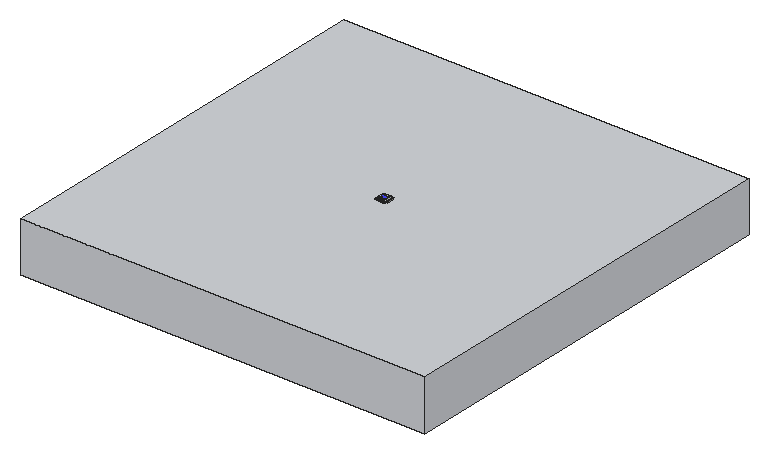
Revit family "2CKA001032A0508", category Elektroinstallationen, Revit 2017
Family settings
  Basisbauteil = Fläche
  Beschriftungsausrichtung beibehalten = Nein
  Bemaßung runder Anschluss = Durchmesser verwenden
  Teiletyp = Normal
  Beim Laden mit Abzugskörper schneiden = Nein
  Gemeinsam genutzt = Nein
  Raumberechnungspunkt = Nein
Parameters
  White = White
  Typname = "El. Raumtemperaturregler UP, UP-Montagedosen und -Einsätze, Einsätze für Raumtemperaturregler"
  TYPE = "1098 U-101"
  Produktseite = "https://media.live.bim.site/t/eyJhbGciOiJIUzI1NiIsInR5cCI6IkpXVCJ9.eyJjdCI6MiwidHUiOiJodHRwOi8vYnVzY2gtamFlZ2VyLWthdGFsb2cuZGUvMTAzMi0wLTA1MDgsYXJ0aWtlbC5odG1sIiwiY2lkIjoiZmVkOThlOWEtMWJkOC00YzY4LWE3M2ItNzRhOTRlMzE1ODIzIiwicmlkIjoiMjc2NjRlYjNmMjk0ZTNlYjBkOTJhZTRhMWM2YzI0NjAiLCJwaWQiOiJkNGQ0ODY3ZDg4MjY4Nzg2NWM1ZDNkODJhMzJjMDMyMDI1N2E3YzFhIiwic2lkIjoiNjM3MzIiLCJ1dCI6MSwibGMiOiJkZSIsImlhdCI6MTU3MjkyOTI2NCwiaXNzIjoiaHR0cHM6Ly9hcGkubGl2ZS5iaW0uc2l0ZSIsInN1YiI6ImY1ODZjNGI2LWE1MDgtNDI3YS05ODE4LTEzMTc5NjY1NzZiYyJ9.PqwKCrkbQN_OCCwh4QV-8Wb2Gp9MeNHAR7IQho9d7GU"
  Montageart = "unter Putz"
  Ist Zubehör = no
  Ist System = no
  Hersteller = "Busch-Jaeger Elektro GmbH"
  HeinzeBIM = "https://www.heinze.de/bim/el-raumtemperaturregler-up-up-montagedosen-und-einsaetze-einsaetze-fuer-raumtemperaturregler/d4d4867d882687865c5d3d82a32c0320257a7c1a"
  Halogenfrei = yes
  HAN = "2CKA001032A0508"
  Glass = Glass
  Default Elevation = 1219.2 mm
  GTIN = "4011395146644"
  Datenblatt 5 = "https://media.live.bim.site/t/eyJhbGciOiJIUzI1NiIsInR5cCI6IkpXVCJ9.eyJjdCI6MSwidGYiOiJwdWJsaWMvYnVzY2gtamFlZ2VyLWVsZWt0cm8tZ21iaC81YWUxZmQ1LzJDS0EwMDEwMzJBMDUwOF9ST0hTXzIwMTlfMTBfMDcucGRmIiwiY2lkIjoiZmVkOThlOWEtMWJkOC00YzY4LWE3M2ItNzRhOTRlMzE1ODIzIiwicmlkIjoiMjc2NjRlYjNmMjk0ZTNlYjBkOTJhZTRhMWM2YzI0NjAiLCJwaWQiOiJkNGQ0ODY3ZDg4MjY4Nzg2NWM1ZDNkODJhMzJjMDMyMDI1N2E3YzFhIiwic2lkIjoiNjM3MzIiLCJ1dCI6MSwibGMiOiJkZSIsImlhdCI6MTU3MjkyOTI2NCwiaXNzIjoiaHR0cHM6Ly9hcGkubGl2ZS5iaW0uc2l0ZSIsInN1YiI6ImY1ODZjNGI2LWE1MDgtNDI3YS05ODE4LTEzMTc5NjY1NzZiYyJ9.tHn2Mz55pGdhMaV_gfVFlSIgNqvi-diAWZtfFKjLhuM/2CKA001032A0508_ROHS_2019_10_07.pdf"
  Datenblatt 4 = "https://media.live.bim.site/t/eyJhbGciOiJIUzI1NiIsInR5cCI6IkpXVCJ9.eyJjdCI6MSwidGYiOiJwdWJsaWMvYnVzY2gtamFlZ2VyLWVsZWt0cm8tZ21iaC81YWUxZmQ1LzEwOTggVS0xMDFfQ0VfWFhfVjAxXzJDS0ExMDAwMDBFMDEzNC5wZGYiLCJjaWQiOiJmZWQ5OGU5YS0xYmQ4LTRjNjgtYTczYi03NGE5NGUzMTU4MjMiLCJyaWQiOiIyNzY2NGViM2YyOTRlM2ViMGQ5MmFlNGExYzZjMjQ2MCIsInBpZCI6ImQ0ZDQ4NjdkODgyNjg3ODY1YzVkM2Q4MmEzMmMwMzIwMjU3YTdjMWEiLCJzaWQiOiI2MzczMiIsInV0IjoxLCJsYyI6ImRlIiwiaWF0IjoxNTcyOTI5MjY0LCJpc3MiOiJodHRwczovL2FwaS5saXZlLmJpbS5zaXRlIiwic3ViIjoiZjU4NmM0YjYtYTUwOC00MjdhLTk4MTgtMTMxNzk2NjU3NmJjIn0.Sjmrf_nJ-sna9Hi1coDaJ4SmVVppoUtoMI-KCZu-l90/1098 U-101_CE_XX_V01_2CKA100000E0134.pdf"
  Datenblatt 3 = "https://media.live.bim.site/t/eyJhbGciOiJIUzI1NiIsInR5cCI6IkpXVCJ9.eyJjdCI6MSwidGYiOiJwdWJsaWMvYnVzY2gtamFlZ2VyLWVsZWt0cm8tZ21iaC81YWUxZmQ1LzEwOThfQkpFX09BXzIwMTQtMDMtMTFfTkwucGRmIiwiY2lkIjoiZmVkOThlOWEtMWJkOC00YzY4LWE3M2ItNzRhOTRlMzE1ODIzIiwicmlkIjoiMjc2NjRlYjNmMjk0ZTNlYjBkOTJhZTRhMWM2YzI0NjAiLCJwaWQiOiJkNGQ0ODY3ZDg4MjY4Nzg2NWM1ZDNkODJhMzJjMDMyMDI1N2E3YzFhIiwic2lkIjoiNjM3MzIiLCJ1dCI6MSwibGMiOiJkZSIsImlhdCI6MTU3MjkyOTI2NCwiaXNzIjoiaHR0cHM6Ly9hcGkubGl2ZS5iaW0uc2l0ZSIsInN1YiI6ImY1ODZjNGI2LWE1MDgtNDI3YS05ODE4LTEzMTc5NjY1NzZiYyJ9.x7i6Q0ge4_r9PKFqc0_PVNqlc6r4k_dWTULovlCYviQ/1098_BJE_OA_2014-03-11_NL.pdf"
  Datenblatt 2 = "https://media.live.bim.site/t/eyJhbGciOiJIUzI1NiIsInR5cCI6IkpXVCJ9.eyJjdCI6MSwidGYiOiJwdWJsaWMvYnVzY2gtamFlZ2VyLWVsZWt0cm8tZ21iaC81YWUxZmQ1LzEwOThfQkpFX09BXzIwMTQtMDMtMTFfRU4ucGRmIiwiY2lkIjoiZmVkOThlOWEtMWJkOC00YzY4LWE3M2ItNzRhOTRlMzE1ODIzIiwicmlkIjoiMjc2NjRlYjNmMjk0ZTNlYjBkOTJhZTRhMWM2YzI0NjAiLCJwaWQiOiJkNGQ0ODY3ZDg4MjY4Nzg2NWM1ZDNkODJhMzJjMDMyMDI1N2E3YzFhIiwic2lkIjoiNjM3MzIiLCJ1dCI6MSwibGMiOiJkZSIsImlhdCI6MTU3MjkyOTI2NCwiaXNzIjoiaHR0cHM6Ly9hcGkubGl2ZS5iaW0uc2l0ZSIsInN1YiI6ImY1ODZjNGI2LWE1MDgtNDI3YS05ODE4LTEzMTc5NjY1NzZiYyJ9.zCcc_3iazk-3F0ENew_z4UI_TWuq5vXiCce3m6RF064/1098_BJE_OA_2014-03-11_EN.pdf"
  Datenblatt 1 = "https://media.live.bim.site/t/eyJhbGciOiJIUzI1NiIsInR5cCI6IkpXVCJ9.eyJjdCI6MSwidGYiOiJwdWJsaWMvYnVzY2gtamFlZ2VyLWVsZWt0cm8tZ21iaC81YWUxZmQ1LzEwOThfQkpFX09BXzIwMTQtMDMtMTFfREUucGRmIiwiY2lkIjoiZmVkOThlOWEtMWJkOC00YzY4LWE3M2ItNzRhOTRlMzE1ODIzIiwicmlkIjoiMjc2NjRlYjNmMjk0ZTNlYjBkOTJhZTRhMWM2YzI0NjAiLCJwaWQiOiJkNGQ0ODY3ZDg4MjY4Nzg2NWM1ZDNkODJhMzJjMDMyMDI1N2E3YzFhIiwic2lkIjoiNjM3MzIiLCJ1dCI6MSwibGMiOiJkZSIsImlhdCI6MTU3MjkyOTI2NCwiaXNzIjoiaHR0cHM6Ly9hcGkubGl2ZS5iaW0uc2l0ZSIsInN1YiI6ImY1ODZjNGI2LWE1MDgtNDI3YS05ODE4LTEzMTc5NjY1NzZiYyJ9.4NEuwIWvixRr4QURwNo9tH_ChWIBqYvs-Z625stx9Is/1098_BJE_OA_2014-03-11_DE.pdf"
  Datenblatt = "https://media.live.bim.site/t/eyJhbGciOiJIUzI1NiIsInR5cCI6IkpXVCJ9.eyJjdCI6MSwidGYiOiJwdWJsaWMvYnVzY2gtamFlZ2VyLWVsZWt0cm8tZ21iaC81YWUxZmQ1L2JhXzE3M18xXzcyMzlfMTA5OF8xMDEucGRmIiwiY2lkIjoiZmVkOThlOWEtMWJkOC00YzY4LWE3M2ItNzRhOTRlMzE1ODIzIiwicmlkIjoiMjc2NjRlYjNmMjk0ZTNlYjBkOTJhZTRhMWM2YzI0NjAiLCJwaWQiOiJkNGQ0ODY3ZDg4MjY4Nzg2NWM1ZDNkODJhMzJjMDMyMDI1N2E3YzFhIiwic2lkIjoiNjM3MzIiLCJ1dCI6MSwibGMiOiJkZSIsImlhdCI6MTU3MjkyOTI2NCwiaXNzIjoiaHR0cHM6Ly9hcGkubGl2ZS5iaW0uc2l0ZSIsInN1YiI6ImY1ODZjNGI2LWE1MDgtNDI3YS05ODE4LTEzMTc5NjY1NzZiYyJ9.iQrpWllxZq0xgozNN5W8oW7qCqlm3id2Ry3AccoFHn4/ba_173_1_7239_1098_101.pdf"
  Beschreibung = "El. Raumtemperaturregler UP, UP-Montagedosen und -Einsätze, Einsätze für Raumtemperaturregler, El. Raumtemperaturregler UP Wechsler, Sollwert-Anzeige, Timer Mit Wechselkontakt und thermischer Rückführung. Einfache Einstellung über menu- und textgeführte Anzeige. 4 Schaltzeiten pro Tag für jeden Wochentag frei einstellbar. Mit Spreizbefestigung Automatische Sommer-/Winterzeit-Zeitumschaltung Gangreserve > 10 Stunden. Passend für Zentralscheibe 6435-xxx. Klasse des Temperaturreglers: 1 Beitrag zur Raumheizungsenergieeffizienz: 1,0%. Nennstrom: 10 A Temperaturbereich Gerät: 5 °C bis 30 °C EN 60730-2-9"
  Befestigungsart = "Krallen-/Schraubbefestigung"
  BIMSITE_PRODUCT_ID = "d4d4867d882687865c5d3d82a32c0320257a7c1a"
  BIM = "https://media.live.bim.site/t/eyJhbGciOiJIUzI1NiIsInR5cCI6IkpXVCJ9.eyJjdCI6MSwidGYiOiJwdWJsaWMvYnVzY2gtamFlZ2VyLWVsZWt0cm8tZ21iaC81YWUxZmQ1LzJDS0EwMDEwMzJBMDUwOC5yZmEiLCJjaWQiOiJmZWQ5OGU5YS0xYmQ4LTRjNjgtYTczYi03NGE5NGUzMTU4MjMiLCJyaWQiOiIyNzY2NGViM2YyOTRlM2ViMGQ5MmFlNGExYzZjMjQ2MCIsInBpZCI6ImQ0ZDQ4NjdkODgyNjg3ODY1YzVkM2Q4MmEzMmMwMzIwMjU3YTdjMWEiLCJzaWQiOiI2MzczMiIsInV0Ijo1LCJsYyI6ImRlIiwiaWF0IjoxNTcyOTI5MjY0LCJpc3MiOiJodHRwczovL2FwaS5saXZlLmJpbS5zaXRlIiwic3ViIjoiZjU4NmM0YjYtYTUwOC00MjdhLTk4MTgtMTMxNzk2NjU3NmJjIn0.pDLEvbOnPqJCUy91wXa8Uv7ZQst1WHWL_HtHoH62aEg/2CKA001032A0508.rfa"
Reference planes
  plane 1 "Center (Front/Back)": y = 0
  plane 2: z = 0
  plane 3 "Center (Left/Right)": x = 0
Forms (mm)
  Extrusion 1, solid
    sketch origin (0, 0, 0) x (1, 0, 0) y (0, 1, 0)
      loop
        line (-1219.2, 1219.2) -> (-1219.2, -1219.2) -> (1219.2, -1219.2) -> (1219.2, 1219.2) -> (-1219.2, 1219.2)
    from 0 to -304.8
  Extrusion 2, solid, material "Glass" <- "Glass", detail levels medium+fine
    sketch origin (0, 0, 0) x (1, 0, 0) y (0, 1, 0)
      loop
        line (-16.3, 12.1) -> (-16.3, -12.1)
        arc (-16.3, -12.1) -> (-15.949, -12.949) -> (-15.1, -13.3) r 1.2
        line (-15.1, -13.3) -> (15.1, -13.3)
        arc (15.1, -13.3) -> (15.949, -12.949) -> (16.3, -12.1) r 1.2
        line (16.3, -12.1) -> (16.3, 12.1)
        arc (16.3, 12.1) -> (15.949, 12.949) -> (15.1, 13.3) r 1.2
        line (15.1, 13.3) -> (-15.1, 13.3)
        arc (-15.1, 13.3) -> (-15.949, 12.949) -> (-16.3, 12.1) r 1.2
    from 8.5 to 11
  Extrusion 3, solid, detail levels fine
    sketch origin (0, 0, 0) x (1, 0, 0) y (0, 1, 0)
      loop
        arc (-25.4, -17.5) -> (-23.086, -23.086) -> (-17.5, -25.4) r 7.9
        line (-17.5, -25.4) -> (17.5, -25.4)
        arc (17.5, -25.4) -> (23.086, -23.086) -> (25.4, -17.5) r 7.9
        line (25.4, -17.5) -> (25.4, 18.213)
        arc (25.4, 18.213) -> (22.917, 23.139) -> (17.886, 25.4) r 8.251
        line (17.886, 25.4) -> (-17.5, 25.4)
        arc (-17.5, 25.4) -> (-23.086, 23.086) -> (-25.4, 17.5) r 7.9
        line (-25.4, 17.5) -> (-25.4, -17.5)
    from 0 to 8.5
  Extrusion 4, solid, material "White" <- "White", detail levels medium
    sketch origin (0, 0, 0) x (1, 0, 0) y (0, 1, 0)
      loop
        line (35.4, 35.4) -> (-35.4, 35.4) -> (-35.4, -35.4) -> (35.4, -35.4) -> (35.4, 35.4)
    from 0 to 1
  Extrusion 5, solid, material "White" <- "White", detail levels medium+fine
    sketch origin (0, 0, 0) x (1, 0, 0) y (0, 1, 0)
      loop
        line (-26, 26) -> (-26, -26) -> (26, -26) -> (26, 26) -> (-26, 26)
    from 0 to -28.4
  Extrusion 6, solid, material "White" <- "White", detail levels fine
    sketch origin (0, 0, 0) x (1, 0, 0) y (0, 1, 0)
      loop
        arc (-25.4, -17.5) -> (-23.086, -23.086) -> (-17.5, -25.4) r 7.9
        line (-17.5, -25.4) -> (17.5, -25.4)
        arc (17.5, -25.4) -> (23.086, -23.086) -> (25.4, -17.5) r 7.9
        line (25.4, -17.5) -> (25.4, 18.213)
        arc (25.4, 18.213) -> (22.917, 23.139) -> (17.886, 25.4) r 8.251
        line (17.886, 25.4) -> (-17.5, 25.4)
        arc (-17.5, 25.4) -> (-23.086, 23.086) -> (-25.4, 17.5) r 7.9
        line (-25.4, 17.5) -> (-25.4, -17.5)
    from 0 to 8.5
  Extrusion 7, solid, material "White" <- "White", detail levels medium
    sketch origin (0, 0, 0) x (1, 0, 0) y (0, 1, 0)
      loop
        line (-25.4, -25.4) -> (25.4, -25.4) -> (25.4, 25.4) -> (-25.4, 25.4) -> (-25.4, -25.4)
    from 0 to 8.5
  Extrusion 8, solid, material "White" <- "White", detail levels coarse
    sketch origin (0, 0, 0) x (1, 0, 0) y (0, 1, 0)
      loop
        line (35.4, 35.4) -> (-35.4, 35.4) -> (-35.4, -35.4) -> (35.4, -35.4) -> (35.4, 35.4)
    from -28.4 to 11
  Extrusion 9, solid, material "White" <- "White", detail levels fine
    sketch origin (0, 0, 0) x (1, 0, 0) y (0, 1, 0)
      loop
        line (-20.65, 30.9) -> (-29.4, 30.9)
        arc (-29.4, 30.9) -> (-30.461, 30.461) -> (-30.9, 29.4) r 1.5
        line (-30.9, 29.4) -> (-30.9, 20.65)
        arc (-30.9, 20.65) -> (-31.339, 19.589) -> (-32.4, 19.15) r 1.5
        line (-32.4, 19.15) -> (-34.4, 19.15)
        arc (-34.4, 19.15) -> (-35.107, 18.857) -> (-35.4, 18.15) r 1
        line (-35.4, 18.15) -> (-35.4, -18.15)
        arc (-35.4, -18.15) -> (-35.107, -18.857) -> (-34.4, -19.15) r 1
        line (-34.4, -19.15) -> (-32.4, -19.15)
        arc (-32.4, -19.15) -> (-31.339, -19.589) -> (-30.9, -20.65) r 1.5
        line (-30.9, -20.65) -> (-30.9, -29.4)
        arc (-30.9, -29.4) -> (-30.461, -30.461) -> (-29.4, -30.9) r 1.5
        line (-29.4, -30.9) -> (-20.65, -30.9)
        arc (-20.65, -30.9) -> (-19.589, -31.339) -> (-19.15, -32.4) r 1.5
        line (-19.15, -32.4) -> (-19.15, -34.4)
        arc (-19.15, -34.4) -> (-18.857, -35.107) -> (-18.15, -35.4) r 1
        line (-18.15, -35.4) -> (18.15, -35.4)
        arc (18.15, -35.4) -> (18.857, -35.107) -> (19.15, -34.4) r 1
        line (19.15, -34.4) -> (19.15, -32.4)
        arc (19.15, -32.4) -> (19.589, -31.339) -> (20.65, -30.9) r 1.5
        line (20.65, -30.9) -> (29.4, -30.9)
        arc (29.4, -30.9) -> (30.461, -30.461) -> (30.9, -29.4) r 1.5
        line (30.9, -29.4) -> (30.9, -20.65)
        arc (30.9, -20.65) -> (31.339, -19.589) -> (32.4, -19.15) r 1.5
        line (32.4, -19.15) -> (34.4, -19.15)
        arc (34.4, -19.15) -> (35.107, -18.857) -> (35.4, -18.15) r 1
        line (35.4, -18.15) -> (35.4, 18.15)
        arc (35.4, 18.15) -> (35.107, 18.857) -> (34.4, 19.15) r 1
        line (34.4, 19.15) -> (32.4, 19.15)
        arc (32.4, 19.15) -> (31.339, 19.589) -> (30.9, 20.65) r 1.5
        line (30.9, 20.65) -> (30.9, 29.4)
        arc (30.9, 29.4) -> (30.461, 30.461) -> (29.4, 30.9) r 1.5
        line (29.4, 30.9) -> (20.65, 30.9)
        arc (20.65, 30.9) -> (19.589, 31.339) -> (19.15, 32.4) r 1.5
        line (19.15, 32.4) -> (19.15, 34.4)
        arc (19.15, 34.4) -> (18.857, 35.107) -> (18.15, 35.4) r 1
        line (18.15, 35.4) -> (-18.15, 35.4)
        arc (-18.15, 35.4) -> (-18.857, 35.107) -> (-19.15, 34.4) r 1
        line (-19.15, 34.4) -> (-19.15, 32.4)
        arc (-19.15, 32.4) -> (-19.589, 31.339) -> (-20.65, 30.9) r 1.5
      loop
        arc (3.317, 28.055) -> (6.689, 26.473) -> (9.002, 29.394) r 3
        arc (9.002, 29.394) -> (7.148, 32.166) -> (3.878, 31.512) r 3
        arc (3.878, 31.512) -> (-1.253, 31.725) -> (-6.352, 31.108) r 31.75
        arc (-6.352, 31.108) -> (-7.716, 29.043) -> (-5.651, 27.679) r 1.75
        arc (-5.651, 27.679) -> (-1.182, 28.225) -> (3.317, 28.055) r 28.25
      loop
        arc (-3.317, -28.055) -> (-8.963, -28.913) -> (-3.878, -31.512) r 3
        arc (-3.878, -31.512) -> (1.253, -31.725) -> (6.352, -31.108) r 31.75
        arc (6.352, -31.108) -> (7.357, -30.5) -> (7.752, -29.394) r 1.75
        arc (7.752, -29.394) -> (7.108, -28.038) -> (5.651, -27.679) r 1.75
        arc (5.651, -27.679) -> (1.182, -28.225) -> (-3.317, -28.055) r 28.25
      loop
        arc (-28.055, 3.317) -> (-27.815, 8.553) -> (-32.394, 6.002) r 3
        arc (-32.394, 6.002) -> (-32.165, 4.852) -> (-31.512, 3.878) r 3
        arc (-31.512, 3.878) -> (-31.725, -1.253) -> (-31.108, -6.352) r 31.75
        arc (-31.108, -6.352) -> (-29.043, -7.716) -> (-27.679, -5.651) r 1.75
        arc (-27.679, -5.651) -> (-28.225, -1.182) -> (-28.055, 3.317) r 28.25
      loop
        arc (28.055, -3.317) -> (27.815, -8.553) -> (32.394, -6.002) r 3
        arc (32.394, -6.002) -> (32.165, -4.852) -> (31.512, -3.878) r 3
        arc (31.512, -3.878) -> (31.691, -1.942) -> (31.75, 0) r 31.75
        arc (31.75, 0) -> (31.589, 3.192) -> (31.108, 6.352) r 31.75
        arc (31.108, 6.352) -> (29.043, 7.716) -> (27.679, 5.651) r 1.75
        arc (27.679, 5.651) -> (28.107, 2.84) -> (28.25, 0) r 28.25
        arc (28.25, 0) -> (28.201, -1.661) -> (28.055, -3.317) r 28.25
    from 0 to 1
Dimensions and locks
  aligned and locked: plane 2 to Extrusion 1
  aligned and locked: level to Extrusion 1
Connectors
  electrical at (0, 0, -28.4)
    settings: on Extrusion 8, index 1, voltage 250 V, apparent load 0 VA, apparent load phase1 0 VA, apparent load phase2 0 VA, apparent load phase3 0 VA, power factor 1, load classification "Other", number of poles 1, system type 30, power factor state 1, is connector primary yes, connector utility no, sub classification motor no, connector description ""
